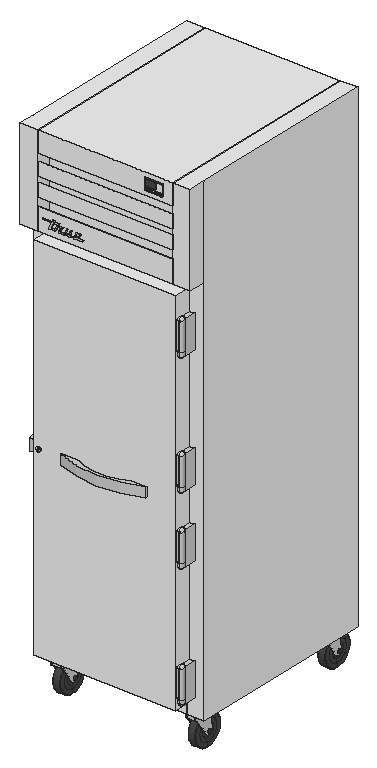
Revit family (continued)
Automatic sketch dimensions
  Extrusion 28 sketch curve to Extrusion 28 sketch curve = 0.32905"
  Extrusion 28 sketch curve to Extrusion 28 sketch curve = 0.60485"  (x2)
  Revolve 29 sketch curve to plane 7 = 0.62954"
  Revolve 29 sketch curve to plane 4 "RIGHT" = 4.14082"
  Revolve 29 sketch curve to Revolve 29 sketch curve = 1.29707"
  Revolve 29 sketch curve to Revolve 29 sketch curve = 0"
  Revolve 29 sketch curve to Revolve 29 sketch curve = 0.10278"
  Revolve 29 sketch curve to plane 7 = 0.00141"
  plane 7 to Revolve 29 sketch curve = 0.26768"
  Revolve 30 sketch curve to level = 0"
  Revolve 30 sketch curve to plane 7 = 0"
  Revolve 30 sketch curve to plane 4 "RIGHT" = 4.17713"
  level to Revolve 30 sketch curve = 1"
  Revolve 30 sketch curve to plane 4 "RIGHT" = 3 19/32"
  Revolve 30 sketch curve to Revolve 30 sketch curve = 1/4"
  Revolve 30 sketch curve to Revolve 30 sketch curve = 1/2"
  Revolve 30 sketch curve to Revolve 30 sketch curve = 0"
  Revolve 30 sketch curve to Revolve 30 sketch curve = 5/8"
  plane 7 to Revolve 30 sketch curve = 1 25/32"
  Revolve 31 sketch curve to level = 0"
  Revolve 31 sketch curve to plane 7 = 0"
  Revolve 31 sketch curve to plane 4 "RIGHT" = 4.17713"
  level to Revolve 31 sketch curve = 1"
  Revolve 31 sketch curve to plane 4 "RIGHT" = 3 19/32"
  Revolve 31 sketch curve to Revolve 31 sketch curve = 1/4"
  Revolve 31 sketch curve to Revolve 31 sketch curve = 1/2"
  Revolve 31 sketch curve to Revolve 31 sketch curve = 0"
  Revolve 31 sketch curve to Revolve 31 sketch curve = 5/8"
  plane 7 to Revolve 31 sketch curve = 1 25/32"
  Revolve 32 sketch curve to plane 7 = 0.62954"
  Revolve 32 sketch curve to plane 4 "RIGHT" = 4.14082"
  Revolve 32 sketch curve to Revolve 32 sketch curve = 1.29707"
  Revolve 32 sketch curve to Revolve 32 sketch curve = 0"
  Revolve 32 sketch curve to Revolve 32 sketch curve = 0.10278"
  Revolve 32 sketch curve to plane 7 = 0.00141"
  plane 7 to Revolve 32 sketch curve = 0.26768"
  Extrusion 33 sketch curve to plane 7 = 0.63926"  (x2)
  Extrusion 33 sketch curve to plane 5 "FRONT" = 3.79864"
  Extrusion 33 sketch curve to Extrusion 33 sketch curve = 1/4"  (x2)
  Extrusion 33 sketch curve to Extrusion 33 sketch curve = 2 1/2"
  Extrusion 33 sketch curve to plane 7 = 0.93273"  (x2)
  Extrusion 33 sketch curve to Extrusion 33 sketch curve = 0.03603"
  plane 1 "BACK" to Extrusion 33 sketch curve = 3.8577"
  Extrusion 33 sketch curve to plane 7 = 1.24411"
  plane 1 "BACK" to Extrusion 33 sketch curve = 1.1077"
  Revolve 34 sketch curve to plane 4 "RIGHT" = 4.35148"
  Revolve 34 sketch curve to Revolve 34 sketch curve = 0.48273"
  Revolve 34 sketch curve to Revolve 34 sketch curve = 0.4"
  Revolve 34 sketch curve to Revolve 34 sketch curve = 0"  (x2)
  Revolve 34 sketch curve to Revolve 34 sketch curve = 0.1"  (x2)
  Revolve 34 sketch curve to Revolve 34 sketch curve = 0.16101"
  Revolve 34 sketch curve to Revolve 34 sketch curve = 0.75408"
  Revolve 34 sketch curve to Revolve 34 sketch curve = 0.92798"
  Revolve 34 sketch curve to Revolve 34 sketch curve = 0.06101"
  Revolve 34 sketch curve to Revolve 34 sketch curve = 1/2"
  Revolve 34 sketch curve to Revolve 34 sketch curve = 0.16509"
  Revolve 34 sketch curve to Revolve 34 sketch curve = 0.39592"
  level to Revolve 34 sketch curve = 2 1/2"
  Revolve 34 sketch curve to Revolve 34 sketch curve = 0.29941"  (x2)
  Revolve 34 sketch curve to Revolve 34 sketch curve = 3/4"  (x4)
  Revolve 34 sketch curve to Revolve 34 sketch curve = 0.59652"
  Revolve 34 sketch curve to Revolve 34 sketch curve = 0.60059"
  plane 3 "LEFT" to Revolve 35 sketch curve = 1.33602"
  Revolve 35 sketch curve to Revolve 35 sketch curve = 0.48273"
  Revolve 35 sketch curve to plane 8 = 5/8"  (x2)
  Revolve 35 sketch curve to Revolve 35 sketch curve = 0.1"  (x2)
  Revolve 35 sketch curve to Revolve 35 sketch curve = 0.16101"
  plane 8 to Revolve 35 sketch curve = 0.12908"
  plane 8 to Revolve 35 sketch curve = 0.46399"
  plane 8 to Revolve 35 sketch curve = 0.525"
  Revolve 35 sketch curve to Revolve 35 sketch curve = 1/2"
  Revolve 35 sketch curve to Revolve 35 sketch curve = 0.16509"
  Revolve 35 sketch curve to Revolve 35 sketch curve = 0.39592"
  level to Revolve 35 sketch curve = 2 1/2"
  Revolve 35 sketch curve to Revolve 35 sketch curve = 0"
  Revolve 35 sketch curve to Revolve 35 sketch curve = 0.29941"  (x2)
  Revolve 35 sketch curve to Revolve 35 sketch curve = 3/4"  (x4)
  Revolve 35 sketch curve to Revolve 35 sketch curve = 0.59652"
  Revolve 35 sketch curve to Revolve 35 sketch curve = 0.60059"
  Extrusion 36 sketch curve to plane 7 = 0.63926"  (x2)
  Extrusion 36 sketch curve to plane 5 "FRONT" = 3.79864"
  Extrusion 36 sketch curve to Extrusion 36 sketch curve = 1/4"  (x2)
  level to Extrusion 36 sketch curve = 2.18736"  (x2)
  Extrusion 36 sketch curve to Extrusion 36 sketch curve = 1.7492"
  Extrusion 36 sketch curve to Extrusion 36 sketch curve = 0.50669"  (x2)
  Extrusion 36 sketch curve to Extrusion 36 sketch curve = 2 1/2"
  level to Extrusion 36 sketch curve = 2.59003"
  Extrusion 36 sketch curve to Extrusion 36 sketch curve = 0.59966"  (x2)
  plane 1 "BACK" to Extrusion 36 sketch curve = 3.8577"
  plane 1 "BACK" to Extrusion 36 sketch curve = 1.8585"
  plane 1 "BACK" to Extrusion 36 sketch curve = 1.1077"
  Extrusion 36 sketch curve to Extrusion 36 sketch curve = 0.32905"
  Extrusion 36 sketch curve to Extrusion 36 sketch curve = 0.60485"  (x2)
  Extrusion 37 sketch curve to plane 7 = 0.63926"  (x2)
  Extrusion 37 sketch curve to plane 5 "FRONT" = 3.79864"
  Extrusion 37 sketch curve to Extrusion 37 sketch curve = 1/4"  (x2)
  level to Extrusion 37 sketch curve = 2.18736"  (x2)
  Extrusion 37 sketch curve to Extrusion 37 sketch curve = 1.7492"
  Extrusion 37 sketch curve to Extrusion 37 sketch curve = 0.50669"  (x2)
  Extrusion 37 sketch curve to Extrusion 37 sketch curve = 2 1/2"
  level to Extrusion 37 sketch curve = 2.59003"
  Extrusion 37 sketch curve to Extrusion 37 sketch curve = 0.59966"  (x2)
  plane 1 "BACK" to Extrusion 37 sketch curve = 3.8577"
  plane 1 "BACK" to Extrusion 37 sketch curve = 1.8585"
  plane 1 "BACK" to Extrusion 37 sketch curve = 1.1077"
  Extrusion 37 sketch curve to Extrusion 37 sketch curve = 0.32905"
  Extrusion 37 sketch curve to Extrusion 37 sketch curve = 0.60485"  (x2)
  Revolve 38 sketch curve to plane 8 = 0"  (x2)
  Revolve 38 sketch curve to plane 7 = 0.62954"
  Revolve 38 sketch curve to plane 8 = 1.29707"
  Revolve 38 sketch curve to Revolve 38 sketch curve = 0.10278"
  Revolve 38 sketch curve to plane 7 = 0.00141"
  plane 7 to Revolve 38 sketch curve = 0.26768"
  Revolve 39 sketch curve to level = 0"
  Revolve 39 sketch curve to plane 8 = 0"  (x2)
  Revolve 39 sketch curve to plane 8 = 1/2"
  Revolve 39 sketch curve to Revolve 39 sketch curve = 1/4"
  Revolve 39 sketch curve to plane 7 = 0"
  Revolve 39 sketch curve to plane 8 = 1.33338"
  level to Revolve 39 sketch curve = 1"
  Revolve 39 sketch curve to Revolve 39 sketch curve = 5/8"
  plane 7 to Revolve 39 sketch curve = 1 25/32"
  Revolve 40 sketch curve to level = 0"
  Revolve 40 sketch curve to plane 8 = 0"  (x2)
  Revolve 40 sketch curve to plane 8 = 1/2"
  Revolve 40 sketch curve to Revolve 40 sketch curve = 1/4"
  Revolve 40 sketch curve to plane 7 = 0"
  Revolve 40 sketch curve to plane 8 = 1.33338"
  level to Revolve 40 sketch curve = 1"
  Revolve 40 sketch curve to Revolve 40 sketch curve = 5/8"
  plane 7 to Revolve 40 sketch curve = 1 25/32"
  Revolve 41 sketch curve to plane 8 = 0"  (x2)
  Revolve 41 sketch curve to plane 7 = 0.62954"
  Revolve 41 sketch curve to plane 8 = 1.29707"
  Revolve 41 sketch curve to Revolve 41 sketch curve = 0.10278"
  Revolve 41 sketch curve to plane 7 = 0.00141"
  plane 7 to Revolve 41 sketch curve = 0.26768"
  Extrusion 42 sketch curve to plane 7 = 0.63926"  (x2)
  Extrusion 42 sketch curve to plane 5 "FRONT" = 3.79864"
  Extrusion 42 sketch curve to Extrusion 42 sketch curve = 1/4"  (x2)
  Extrusion 42 sketch curve to Extrusion 42 sketch curve = 2 1/2"
  Extrusion 42 sketch curve to plane 7 = 0.93273"  (x2)
  Extrusion 42 sketch curve to Extrusion 42 sketch curve = 0.03603"
  plane 1 "BACK" to Extrusion 42 sketch curve = 3.8577"
  Extrusion 42 sketch curve to plane 7 = 1.24411"
  plane 1 "BACK" to Extrusion 42 sketch curve = 1.1077"
  plane 3 "LEFT" to Revolve 43 sketch curve = 1.33602"
  Revolve 43 sketch curve to Revolve 43 sketch curve = 0.48273"
  Revolve 43 sketch curve to plane 8 = 5/8"  (x2)
  Revolve 43 sketch curve to Revolve 43 sketch curve = 0.1"  (x2)
  Revolve 43 sketch curve to Revolve 43 sketch curve = 0.16101"
  plane 8 to Revolve 43 sketch curve = 0.12908"
  plane 8 to Revolve 43 sketch curve = 0.46399"
  plane 8 to Revolve 43 sketch curve = 0.525"
  Revolve 43 sketch curve to Revolve 43 sketch curve = 1/2"
  Revolve 43 sketch curve to Revolve 43 sketch curve = 0.16509"
  Revolve 43 sketch curve to Revolve 43 sketch curve = 0.39592"
  level to Revolve 43 sketch curve = 2 1/2"
  Revolve 43 sketch curve to Revolve 43 sketch curve = 0"
  Revolve 43 sketch curve to Revolve 43 sketch curve = 0.29941"  (x2)
  Revolve 43 sketch curve to Revolve 43 sketch curve = 3/4"  (x4)
  Revolve 43 sketch curve to Revolve 43 sketch curve = 0.59652"
  Revolve 43 sketch curve to Revolve 43 sketch curve = 0.60059"
  plane 5 "FRONT" to Extrusion 44 sketch curve = 0"
  Extrusion 44 sketch curve to plane 8 = 11/16"
  Extrusion 44 sketch curve to plane 4 "RIGHT" = 2 3/8"
  Extrusion 45 sketch curve to plane 8 = 0"
  Extrusion 45 sketch curve to plane 5 "FRONT" = 5.09023"
  Extrusion 46 sketch curve to plane 8 = 0"
  plane 1 "BACK" to Extrusion 46 sketch curve = 2.69102"
  Extrusion 47 sketch curve to plane 4 "RIGHT" = 2 27/32"
  plane 1 "BACK" to Extrusion 47 sketch curve = 2.69102"
  Extrusion 48 sketch curve to plane 4 "RIGHT" = 2 27/32"
  Extrusion 48 sketch curve to plane 5 "FRONT" = 5.09023"
  Extrusion 6 sketch curve to plane 6 "TOP" = 16 5/32"
  plane 5 "FRONT" to Extrusion 7 sketch curve = 0"  (x2)
  plane 8 to Extrusion 7 sketch curve = 4.0125"
  plane 5 "FRONT" to Extrusion 7 sketch curve = 0.2"
  Extrusion 7 sketch curve to Extrusion 7 sketch curve = 2.4"  (x2)
  plane 8 to Extrusion 7 sketch curve = 10 13/16"
  Extrusion 7 sketch curve to Extrusion 7 sketch curve = 0"
  Extrusion 7 sketch curve to plane 5 "FRONT" = 7.77899"
  Extrusion 7 sketch curve to Extrusion 7 sketch curve = 7.30945"
  radius of Extrusion 8 sketch curve = 0.35"
  radius of Extrusion 12 sketch curve = 1/4"
  radius of Extrusion 45 sketch curve = 1 1/2"
  radius of Extrusion 46 sketch curve = 1 1/2"
  radius of Extrusion 47 sketch curve = 1 1/2"
  radius of Extrusion 48 sketch curve = 1 1/2"
Connectors (in)
  electrical at (24.25, -0.0625, 82), driven by "Volts", driven by "Watts"
    settings: on Extrusion 12, index 1, voltage 208 V, apparent load 1500 VA, apparent load phase1 0 VA, apparent load phase2 0 VA, apparent load phase3 0 VA, power factor 1, load classification "Other", number of poles 1, system type 30, power factor state 1, is connector primary yes, connector utility no, sub classification motor no, connector description "Electrical Connection"
